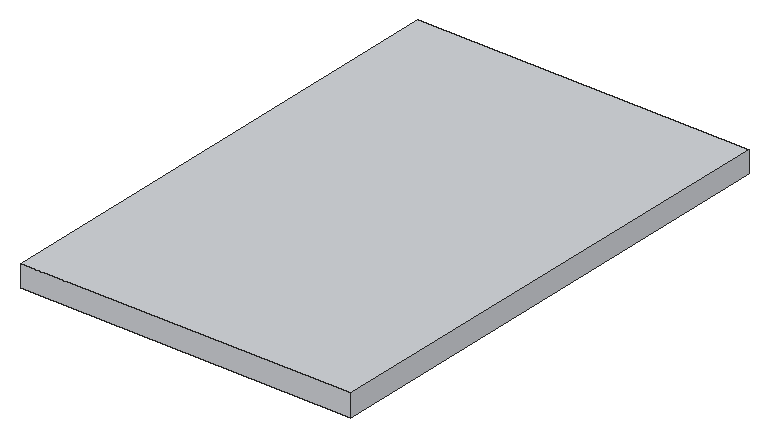
Revit family "CIRQUA-L 1X xxx S", category Oprawy oświetleniowe, Revit 2019
Family settings
  Obiekt nadrzędny = Powierzchnia
  Wymiar okrągłego złącza = Użyj średnicy
  Typ części = Normalny
  Numer OmniClass = 23.80.70.11
  Tytuł OmniClass = Luminaries for Internal Lighting
  Tnij formami wycięć po wczytaniu = Nie
  Źródło światła = Tak
  Współdzielony = Nie
  Punkt obliczania pomieszczeń = Nie
Parameters (values of type "CIRQUA-L 1X3100-930 S-DA")
  width = 100 mm  # constant formula
  weight = "1,3 kg"  # constant formula
  voltage type (AC, DC, UC) = "AC"
  rated input power = 34
  product name = "CIRQUA-L 1X3100-930 S-DA"
  nominal voltage = "230"
  nominal frequency = "50-60Hz"
  length = 310 mm  # constant formula
  ingress protection (IP) code = "IP20"
  height = 171 mm  # constant formula
  electrical safety class = "1"
  control gear = ""
  conformity mark = "CE"  # constant formula
  brand = "RIDI"
  approval mark = ""
  built-in parameter 1150104 = 13.8 (stored number, unit not read)
  Wattage = 21.1388 W
  Emituj ze średnicy okręgu = 76 mm  # constant formula
  Default Elevation = 0 mm
  built-in parameter 1150113 = 1 (stored number, unit not read)
  built-in parameter 1114218 = 1 (stored number, unit not read)
  URL = "www.ridi.de"
  built-in parameter 1150134 = (empty or 0)
  built-in parameter 1150109 = 1 (stored number, unit not read)
  built-in parameter 1150110 = 1 (stored number, unit not read)
  Apparent Load = 34 VA
  Tilt Angle = 90.00°
  Model = "0331978AH"
  built-in parameter 1114217 = 1 (stored number, unit not read)
  built-in parameter 1150139 = (empty or 0)
  built-in parameter 1150105 = 20797.7 (stored number, unit not read)
  built-in parameter 1150114 = 1 (stored number, unit not read)
  Lumens = 3140 lm
  built-in parameter 1150115 = 1 (stored number, unit not read)
  built-in parameter 1150112 = 1 (stored number, unit not read)
  Lampa = "LED"
  Producent = "RIDI Leuchten GmbH"  # constant formula
  Dimming Lamp Color Temperature Shift = (empty or 0)
  Color Filter = 16777215
  built-in parameter 1150133 = 10 (stored number, unit not read)
  Emit Shape Visible in Rendering = no
  built-in parameter 1150137 = (empty or 0)
  built-in parameter 1150132 = 2
  Plik sieci fotometrycznej = "CIRQUA-L 1x3200-840 S.IES"
  Copyright = "© RIDI. All rights reserved."  # constant formula
  built-in parameter 1150106 = 207.98 (stored number, unit not read)
  Kod zespołu = "D5020200"
  built-in parameter 1150107 = 3000 (stored number, unit not read)
  built-in parameter 1150102 = (empty or 0)
  built-in parameter 1150138 = (empty or 0)
Types (10, lengths in mm): name | rated input power | product name | Wattage | built-in parameter 1150134 | Apparent Load | Model | built-in parameter 1150105 | Lumens | built-in parameter 1150106 | built-in parameter 1150107
  (no name) | 34 | "CIRQUA-L 1X3100-930 S-DA" | 21.1388 W | (empty or 0) | 34 VA | "0331978AH" | 20797.7 (stored number, unit not read) | 3140 lm | 207.98 (stored number, unit not read) | 3000 (stored number, unit not read)
  CIRQUA-L 1X3000-830 S | 26 | "CIRQUA-L 1X3000-830 S" | 20.7349 W | (empty or 0) | 26 VA | "0321962AH" | 14227.9 (stored number, unit not read) | 3080 lm | 142.28 (stored number, unit not read) | 3000 (stored number, unit not read)
  CIRQUA-L 1X3600-830 S | 34 | "CIRQUA-L 1X3600-830 S" | 24.5722 W | (empty or 0) | 34 VA | "0321966AH" | 24175.7 (stored number, unit not read) | 3650 lm | 241.76 (stored number, unit not read) | 3000 (stored number, unit not read)
  CIRQUA-L 1X3600-830 S-DA | 34 | "CIRQUA-L 1X3600-830 S-DA" | 24.5722 W | (empty or 0) | 34 VA | "0331966AH" | 24175.7 (stored number, unit not read) | 3650 lm | 241.76 (stored number, unit not read) | 3000 (stored number, unit not read)
  CIRQUA-L 1X3200-840 S | 26 | "CIRQUA-L 1X3200-840 S" | 21.8793 W | 12 | 26 VA | "0321950AH" | 21526.3 (stored number, unit not read) | 3250 lm | 215.26 (stored number, unit not read) | 4000 (stored number, unit not read)
  CIRQUA-L 1X3800-840 S-DA | 34 | "CIRQUA-L 1X3800-840 S-DA" | 26.1206 W | 12 | 34 VA | "0331954AH" | 25699.1 (stored number, unit not read) | 3880 lm | 256.99 (stored number, unit not read) | 4000 (stored number, unit not read)
  CIRQUA-L 1X3800-840 S | 34 | "CIRQUA-L 1X3800-840 S" | 26.1206 W | 12 | 34 VA | "0321954AH" | 25699.1 (stored number, unit not read) | 3880 lm | 256.99 (stored number, unit not read) | 4000 (stored number, unit not read)
  CIRQUA-L 1X2600-930 S | 26 | "CIRQUA-L 1X2600-930 S" | 17.8401 W | (empty or 0) | 26 VA | "0321974AH" | 17552.2 (stored number, unit not read) | 2650 lm | 175.52 (stored number, unit not read) | 3000 (stored number, unit not read)
  CIRQUA-L 1X3100-930 S | 34 | "CIRQUA-L 1X3100-930 S" | 21.1388 W | (empty or 0) | 34 VA | "0321978AH" | 20797.7 (stored number, unit not read) | 3140 lm | 207.98 (stored number, unit not read) | 3000 (stored number, unit not read)
  CIRQUA-L 1X3100-930 S-DA | 34 | "CIRQUA-L 1X3100-930 S-DA" | 21.1388 W | (empty or 0) | 34 VA | "0331978AH" | 20797.7 (stored number, unit not read) | 3140 lm | 207.98 (stored number, unit not read) | 3000 (stored number, unit not read)
Reference planes
  plane 1 "Mitte (Vorne/hinten)": y = 0
  plane 2: z = 24.176
  plane 3 "Mitte (Links/rechts)": x = 22
  plane 4: z = 0
Forms (mm)
  Extrusion 1, solid
    sketch origin (219.2, 280.8, 0) x (1, 0, 0) y (0, 1, 0)
      loop
        line (-1219.2, 1219.2) -> (-1219.2, -1780.8) -> (780.8, -1780.8) -> (780.8, 1219.2) -> (-1219.2, 1219.2)
    from 24.176 to -107.307
Dimensions and locks
  aligned and locked: plane 2 to Extrusion 1
Connectors
  electrical at (-103.767, 0, 25.176), driven by "Apparent Load"
    settings: on import instance, index 1, voltage 230 V, apparent load 0 VA, apparent load phase1 34 VA, apparent load phase2 0 VA, apparent load phase3 0 VA, power factor 1, load classification "Lighting", number of poles 1, system type 31, power factor state 1, is connector primary yes, connector utility no, sub classification motor no, connector description ""
